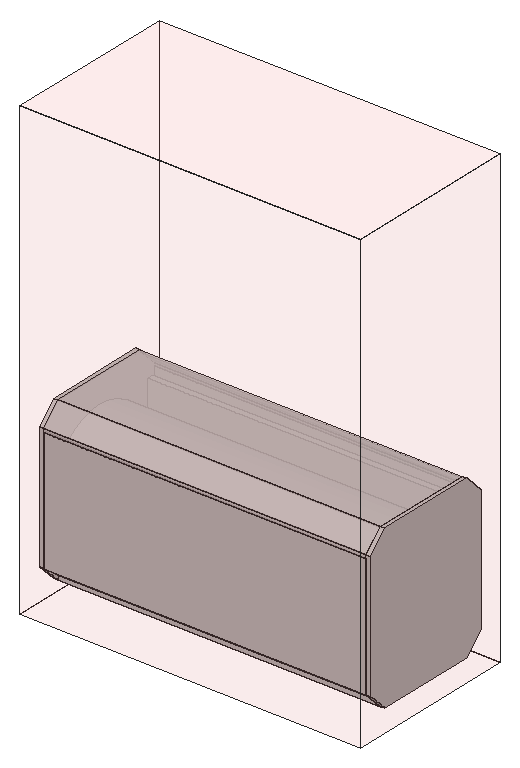
Revit family "Air-Curtain_Specialty_PoweredAire_LDC-Corrosive", category Mechanical Equipment, host Face, Revit 2016
Family settings
  Host = Face
  Part Type = Normal
  Round Connector Dimension = Use Diameter
  OmniClass Number = 23.75.35.17.21
  OmniClass Title = Air Curtains
  Cut with Voids When Loaded = No
  Shared = No
  Room Calculation Point = No
Parameters
  Warranty Duration (Years) = 0
  Unit Width Notes = "Other Widths available."  # constant formula
  Unit Width = 3' - 0"
  Unit Weight = 0
  Unit Height = 1' - 3"
  Unit Depth = 1' - 5 1/2"
  URL = "http://www.poweredaire.com/"
  Test Data = ""
  Standards Conformance = "as Specified"
  Specification = "http://www.arcat.com/sdspecs/htm04/23_34_33pai.htm"
  SpecWizard = ""
  Sound Pressure = "as Specified"
  Sales Information = "http://www.poweredaire.com/contact_us"
  Revision = "R1_2016-08"
  Projection from Host [instance] = 0' - 2"
  Product Properties = ""
  Product Data = "http://www.arcat.com/arcatcos/cos47/arc47623.html"
  Power Rating = 0 W
  Nozzle Width = if(1 = 1, Unit Width - 0' 1", 0' 0")  # 2' - 11"
  Mounting Width = if(1 = 1, Unit Width - 0' 0 15/16", 0' 0")  # 2' - 11 1/16"
  Mounting Height [instance] = 3' - 6"
  Motor RPM = 0
  Motor HP = 0
  Motor Count = 0
  Model = "As Specified"
  Max Height = 0' - 0"
  Manufacturer Website = "http://www.poweredaire.com/"
  Manufacturer Phone - Toll Free = "888-321-2473"
  Manufacturer Phone = "724-588-3305"
  Manufacturer Fax = "724-588-3371"
  Manufacturer Address = "109 Mortensen Rd.  Greenville, PA 16125"
  Manufacturer = "Powered Aire, Inc"
  Maintenance Schedule (Months) = 0
  Keynote = "23 34 33"
  Installation-Fabrication = ""
  Installation Phase = ""
  Include Clearance [instance] = yes
  Heating Element Load = 0 W
  HVAC_Temperature Rise = 0 °F
  HVAC_Outlet Volume = 0 CFM
  HVAC_Outlet Velocity Uniformity = 0
  HVAC_Outlet Velocity = 0 FPM
  Green Building-LEED = "http://www.arcat.com/green/clients/leed_data_47623.html"
  Front Grating Material [instance] = Metal - Steel - PoweredAire - Stainless 316 Perforated
  Frame Finish [instance] = Metal - Steel - PoweredAire - Stainless 316
  Expected Lifespan (Years) = 0
  Electrical_Wattage [instance] = Power Rating + Heating Element Load  # 0 W
  Electrical_Voltage [instance] = 0 V
  Electrical_Phase [instance] = 1
  Electrical_Frequency [instance] = 0 Hz
  Electrical_Amperage [instance] = 0 A
  Drawn By = "Sumex Design, Inc. / Robert S. Weygant, CSI, CDT, SCIP"
  Description = "Powered Aire Air Curtain as Specified"
  Default Elevation = 0' - 0"  # constant formula
  Copyright = "©Arcat Inc."
  Construction Details = "http://www.arcat.com/details/powair/prod3336.html"
  Clearance_Top [instance] = 0' - 2"
  Clearance_Side B [instance] = 0' - 0 1/2"
  Clearance_Side A [instance] = 0' - 0 1/2"
  Clearance_Intake [instance] = 2' - 6"
  Clearance_Bottom [instance] = 0' - 2"
  Clearance Material [instance] = ARCAT Clearance
  Building Codes = ""
  Available Options [instance] = "as Specified"
  Assembly Code = "D3090400"
Reference planes (in)
  plane 1 "Center (Elevation)": y = 0.13818
  plane 2: z = 0
  plane 3 "Center (Left/Right)": x = 0
  plane 4: y = 7.63818
  plane 5: y = -7.36182
  plane 6: x = -18
  plane 7: x = 18
  plane 8: z = 19.5
  plane 9 "FF": y = -41.86182
  plane 10: z = 2
  plane 11: x = 17.5
  plane 12: x = -17.5
  plane 13: y = 9.63818
  plane 14: y = -9.36182
  plane 15: x = -18.5
  plane 16: x = 18.5
  plane 17: z = 49.5
Forms (in)
  Extrusion 1, solid, material "Metal - Steel - PoweredAire - Stainless 316" <- "Frame Finish"
    sketch origin (0, 0, 0) x (0, 1, 0) y (0, 0, 1)
      loop
        line (5.69363, 2) -> (7.63818, 3.94454) -> (7.63818, 17.55546) -> (5.69363, 19.5) -> (-5.41728, 19.5) -> (-7.36182, 17.55546) -> (-7.36182, 3.94454) -> (-5.41728, 2) -> (5.69363, 2)
    from 17.5 to 18
  Extrusion 2, solid, material "Metal - Steel - PoweredAire - Stainless 316" <- "Frame Finish"
    sketch origin (0, 0, -0.5) x (0, 1, 0) y (0, 0, 1)
      loop
        circle (0.13818, 10.9739) r 6.25
      loop
        line (6.63818, 16.89427) -> (6.63818, 5.87829) -> (7.33849, 5.87829) -> (7.33849, 16.89427) -> (6.63818, 16.89427)
      loop
        line (-7.02798, 16.76927) -> (-7.02798, 5.75329) -> (-6.36182, 5.75329) -> (-6.36182, 16.76927) -> (-7.02798, 16.76927)
    from -17.5 to 17.5
  Extrusion 3, solid, material "Metal - Steel - PoweredAire - Stainless 316" <- "Frame Finish"
    sketch origin (0, 0, 0) x (0, 1, 0) y (0, 0, -1)
      loop
        line (5.69363, -2) -> (-5.41728, -2) -> (-7.36182, -3.94454) -> (-7.36182, -17.55546) -> (-5.41728, -19.5) -> (5.69363, -19.5) -> (7.63818, -17.55546) -> (7.63818, -3.94454) -> (5.69363, -2)
    from 17.5 to 18
  Extrusion 4, solid, material "Metal - Steel - PoweredAire - Stainless 316" <- "Frame Finish"
    sketch origin (0, 0, 0) x (0, 1, 0) y (0, 0, 1)
      loop
        line (-5.41728, 2) -> (5.69363, 2) -> (7.63818, 3.94454) -> (7.63818, 17.19454) -> (7.51318, 17.19454) -> (7.51318, 3.99632) -> (5.64186, 2.125) -> (-5.29228, 2.125) -> (-5.29228, 4.06954) -> (-7.23682, 4.06954) -> (-7.23682, 17.19454) -> (-7.36182, 17.19454) -> (-7.36182, 3.94454) -> (-5.41728, 3.94454) -> (-5.41728, 2)
      loop
        line (-6.64819, 3.61034) -> (-5.8702, 2.83235) -> (-5.74472, 2.95783) -> (-6.52271, 3.73583) -> (-6.64819, 3.61034)
    from -17.5 to 17.5
  Extrusion 5, solid, material "Metal - Steel - PoweredAire - Stainless 316 Perforated" <- "Front Grating Material"
    sketch origin (0, 0, 0) x (0, 1, 0) y (0, 0, 1)
      loop
        line (-7.36182, 17.19454) -> (-7.23682, 17.19454) -> (-7.23682, 17.50368) -> (-5.3655, 19.375) -> (5.64186, 19.375) -> (7.51318, 17.50368) -> (7.51318, 17.19454) -> (7.63818, 17.19454) -> (7.63818, 17.55546) -> (5.69363, 19.5) -> (-5.41728, 19.5) -> (-7.36182, 17.55546) -> (-7.36182, 17.19454)
    from -17.5 to 17.5
  Extrusion 6, solid, material "ARCAT Clearance" <- "Clearance Material", visible <- "Include Clearance"
    sketch origin (0, 0, 0) x (0, 1, 0) y (0, 0, 1)
      loop
        line (-9.36182, 49.5) -> (-9.36182, 0) -> (9.63818, 0) -> (9.63818, 49.5) -> (-9.36182, 49.5)
    from -18.5 to 18.5
Dimensions and locks (in)
  equal spacing: plane 4, plane 1 "Center (Elevation)", plane 5
  "Unit Height": plane 4 to plane 5
  equal spacing: plane 6, plane 3 "Center (Left/Right)", plane 7
  "Unit Width": plane 6 to plane 7
  "Mounting Height": plane 1 "Center (Elevation)" to plane 9 "FF"
  "Projection from Host": plane 10 to level
  "Unit Depth": plane 8 to plane 10
  locked: plane 6 to plane 12 at 0.5
  locked: plane 11 to plane 7 at 0.5
  "Clearance_Side A": plane 7 to plane 16
  "Clearance_Side B": plane 15 to plane 6
  "Clearance_Top": plane 13 to plane 4
  "Clearance_Bottom": plane 5 to plane 14
  "Clearance_Intake": plane 17 to plane 8
  aligned and locked: plane 2 to host face
  aligned and locked: level to host face
  aligned and locked: plane 7 to Extrusion 1
  aligned and locked: Extrusion 1 to plane 11
  aligned and locked: plane 12 to Extrusion 3
  aligned and locked: Extrusion 3 to plane 6
  aligned and locked: Extrusion 2 to plane 12
  aligned and locked: plane 11 to Extrusion 2
  aligned and locked: plane 11 to Extrusion 4
  aligned and locked: Extrusion 4 to plane 12
  aligned and locked: plane 11 to Extrusion 5
  aligned and locked: Extrusion 5 to plane 12
  aligned and locked: Extrusion 6 sketch curve to plane 17
  aligned and locked: plane 14 to Extrusion 6 sketch curve
  aligned and locked: level to Extrusion 6 sketch curve
  aligned and locked: Extrusion 6 sketch curve to plane 13
  aligned and locked: plane 16 to Extrusion 6
  aligned and locked: Extrusion 6 to plane 15
Automatic sketch dimensions
  host sketch curve to host sketch curve = 8' - 0"  (x2)
  Extrusion 1 sketch curve to plane 5 = 0' - 0"
  Extrusion 1 sketch curve to plane 8 = 0' - 0"
  Extrusion 1 sketch curve to plane 10 = 0' - 0"
  Extrusion 1 sketch curve to plane 4 = 0' - 0"
  plane 5 to Extrusion 1 sketch curve = 0' - 1.94454"  (x2)
  Extrusion 1 sketch curve to plane 4 = 0' - 1.94454"  (x2)
  plane 10 to Extrusion 1 sketch curve = 0' - 1.94454"  (x2)
  Extrusion 1 sketch curve to plane 8 = 0' - 1.94454"  (x2)
  Extrusion 2 sketch curve to plane 1 "Center (Elevation)" = 0' - 0"
  plane 5 to Extrusion 2 sketch curve = 0' - 1"
  plane 5 to Extrusion 2 sketch curve = 0' - 0.33384"
  Extrusion 2 sketch curve to plane 4 = 0' - 1"
  Extrusion 2 sketch curve to plane 4 = 0' - 0.29969"
  plane 10 to Extrusion 2 sketch curve = 0' - 3.37829"
  plane 10 to Extrusion 2 sketch curve = 0' - 3.25329"
  Extrusion 2 sketch curve to plane 8 = 0' - 9.0261"
  Extrusion 2 sketch curve to plane 8 = 0' - 3.23073"
  Extrusion 2 sketch curve to plane 8 = 0' - 3.10573"
  Extrusion 3 sketch curve to plane 5 = 0' - 0"
  Extrusion 3 sketch curve to plane 8 = 0' - 0"
  Extrusion 3 sketch curve to plane 10 = 0' - 0"
  Extrusion 3 sketch curve to plane 4 = 0' - 0"
  plane 5 to Extrusion 3 sketch curve = 0' - 1.94454"  (x2)
  Extrusion 3 sketch curve to plane 4 = 0' - 1.94454"  (x2)
  Extrusion 3 sketch curve to plane 8 = 0' - 1.94454"  (x2)
  plane 10 to Extrusion 3 sketch curve = 0' - 1.94454"  (x2)
  Extrusion 4 sketch curve to plane 5 = 0' - 0"
  Extrusion 4 sketch curve to plane 10 = 0' - 0"
  Extrusion 4 sketch curve to plane 4 = 0' - 0"
  plane 5 to Extrusion 4 sketch curve = 0' - 0 1/8"
  plane 5 to Extrusion 4 sketch curve = 0' - 0.71363"
  Extrusion 4 sketch curve to Extrusion 4 sketch curve = 0' - 0.12548"  (x2)
  Extrusion 4 sketch curve to Extrusion 4 sketch curve = 0' - 0.778"
  Extrusion 4 sketch curve to Extrusion 4 sketch curve = 0' - 0.32744"
  Extrusion 4 sketch curve to Extrusion 4 sketch curve = 0' - 0 1/8"  (x2)
  plane 10 to Extrusion 4 sketch curve = 0' - 0 1/8"
  Extrusion 4 sketch curve to plane 4 = 0' - 1.99632"
  Extrusion 4 sketch curve to Extrusion 4 sketch curve = 0' - 0.05178"  (x2)
  plane 10 to Extrusion 4 sketch curve = 0' - 0.83235"
  plane 10 to Extrusion 4 sketch curve = 0' - 1.94454"
  Extrusion 4 sketch curve to Extrusion 4 sketch curve = 0' - 0.3342"
  Extrusion 4 sketch curve to plane 4 = 0' - 0 1/8"
  Extrusion 4 sketch curve to plane 8 = 0' - 2.30546"  (x2)
  Extrusion 5 sketch curve to plane 5 = 0' - 0"
  Extrusion 5 sketch curve to plane 8 = 0' - 0"
  Extrusion 5 sketch curve to plane 4 = 0' - 0"
  plane 5 to Extrusion 5 sketch curve = 0' - 0 1/8"
  plane 5 to Extrusion 5 sketch curve = 0' - 1.94454"
  Extrusion 5 sketch curve to plane 8 = 0' - 0 1/8"
  Extrusion 5 sketch curve to Extrusion 5 sketch curve = 0' - 0.05178"  (x4)
  Extrusion 5 sketch curve to plane 4 = 0' - 1.99632"
  Extrusion 5 sketch curve to plane 8 = 0' - 1.94454"  (x2)
  Extrusion 5 sketch curve to Extrusion 5 sketch curve = 0' - 0 1/8"
  Extrusion 5 sketch curve to Extrusion 5 sketch curve = 0' - 0.30914"  (x2)
  radius of Extrusion 2 sketch curve = 0' - 6 1/4"
Connectors (in)
  electrical at (0, 7.63818, 10.56954), driven by "Electrical_Phase", driven by "Electrical_Voltage"
    settings: on Extrusion 4, index 1, voltage 0 V, apparent load 0 VA, apparent load phase1 0 VA, apparent load phase2 0 VA, apparent load phase3 0 VA, power factor 1, load classification "Motor", number of poles 1, system type 31, power factor state 1, is connector primary yes, connector utility no, sub classification motor no, connector description ""
